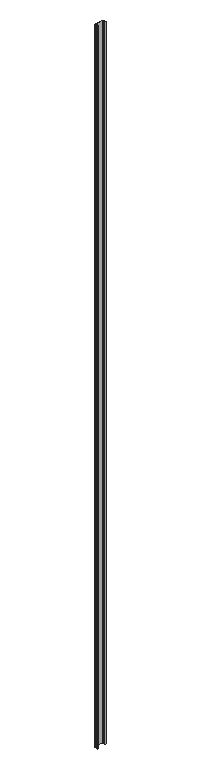
Revit family "38f3c351f65547aba92cce41d0c21fc3", category Structural Columns, Revit 2021
Family settings
  Section Shape = Not Defined
  Material for Model Behavior = Steel
  Always export as geometry = No
  Beam cutback in plan = From bounding box
  OmniClass Number = 23.25.30.11.14.11
  OmniClass Title = Columns
  Seek Item ID = Light Gauge-Furring Channels-Column-0000-USA-ENU
  Cut with Voids When Loaded = No
  Symbolic Representation = From Project Settings
  Shared = No
  Show family pre-cut in plan views = Yes
Parameters (values of type "C1 1/2 X 17/32")
  t1 = if((t / 0.95 * 0' 1" / 1000) < 0' 0 1/32", 0' 0 1/32", (t / 0.95 * 0' 1" / 1000))  # 0' - 0 1/32"
  t = 20
  W = 0
  Structural Material [instance] = Metal - Light Gauge
  D = 0' - 1 1/2"
  Assembly Code = "B10"
  B = 0' - 0 17/32"
  A = 0.00 in²
Reference planes (in)
  plane 1 "Center (Front/Back)": y = 0
  plane 2: z = 0
  plane 3 "Center (Left/Right)": x = 0
  plane 4 "Right": x = 0.53125
  plane 5 "Bottom": y = -1.5
  plane 6 "Insertion(Front/Back)": y = -0.75
Forms (in)
  Extrusion 1, solid, material "Metal - Light Gauge" <- "Structural Material", detail levels medium
    sketch origin (0, -1.625, 0) x (1, 0, 0) y (0, 1, 0)
      loop
        line (0, 1.625) -> (0, 0.125) -> (0.53125, 0.125) -> (0.53125, 0.15625) -> (0.03125, 0.15625) -> (0.03125, 1.59375) -> (0.53125, 1.59375) -> (0.53125, 1.625) -> (0, 1.625)
    from 0 to 108
  Extrusion 2, solid, material "Metal - Light Gauge" <- "Structural Material", detail levels fine
    sketch origin (0, -1.625, 0) x (1, 0, 0) y (0, 1, 0)
      loop
        arc (0.09375, 1.625) -> (0.02746, 1.59754) -> (0, 1.53125) r 0.09375
        line (0, 1.53125) -> (0, 0.21875)
        arc (0, 0.21875) -> (0.02746, 0.15246) -> (0.09375, 0.125) r 0.09375
        line (0.09375, 0.125) -> (0.53125, 0.125) -> (0.53125, 0.15625) -> (0.09375, 0.15625)
        arc (0.09375, 0.15625) -> (0.04956, 0.17456) -> (0.03125, 0.21875) r 0.0625
        line (0.03125, 0.21875) -> (0.03125, 1.53125)
        arc (0.03125, 1.53125) -> (0.04956, 1.57544) -> (0.09375, 1.59375) r 0.0625
        line (0.09375, 1.59375) -> (0.53125, 1.59375) -> (0.53125, 1.625) -> (0.09375, 1.625)
    from 0 to 108
Lines and regions (in)
  symbolic lines, style "StructuralColumnStickSymbols", detail levels coarse
    curve 1: line (0, 0, 0) -> (0.53125, 0, 0)
    curve 2: line (0, -1.5, 0) -> (0.53125, -1.5, 0)
    curve 3: line (0, 0, 0) -> (0, -1.5, 0)
  symbolic lines, style "Hidden Faces", detail levels medium+fine
    curve 4: line (0.0625, -1.46875, 108) -> (0.0625, -1.46875, 0)
    curve 5: line (0.0625, -0.03125, 108) -> (0.0625, -0.03125, 0)
    curve 6: line (0.03125, -1.5, 108) -> (0.03125, -1.5, 0)
Dimensions and locks (in)
  "B": plane 3 "Center (Left/Right)" to plane 4 "Right"
  "t1": Extrusion 2 sketch curve to Extrusion 2 sketch curve  (x3)
  "t1": Extrusion 1 sketch curve to Extrusion 1 sketch curve  (x3)
  "D": plane 5 "Bottom" to plane 1 "Center (Front/Back)"
  equal spacing: plane 5 "Bottom", plane 6 "Insertion(Front/Back)", plane 1 "Center (Front/Back)"
  "t1": Extrusion 1 to curve 6
  "t1": Extrusion 1 to curve 5
  "t1": curve 4 to Extrusion 1
  locked: Extrusion 2 sketch curve to Extrusion 2 sketch curve at 0.0625  (x4)
  aligned and locked: level to plane 2
  aligned and locked: plane 3 "Center (Left/Right)" to curve 2
  aligned and locked: level to Extrusion 2
  aligned and locked: plane 3 "Center (Left/Right)" to Extrusion 2 sketch curve
  aligned and locked: plane 4 "Right" to Extrusion 1 sketch curve  (x4)
  aligned and locked: plane 4 "Right" to Extrusion 2 sketch curve
  aligned and locked: Extrusion 1 sketch curve to plane 3 "Center (Left/Right)"
  aligned and locked: plane 5 "Bottom" to Extrusion 1 sketch curve
  aligned and locked: plane 1 "Center (Front/Back)" to Extrusion 1 sketch curve
  aligned and locked: curve 3 to plane 3 "Center (Left/Right)"
  aligned and locked: level to curve 5
  aligned and locked: level to curve 4
  aligned and locked: Extrusion 2 to level  (x2)
  aligned and locked: level to curve 6
  aligned and locked: plane 5 "Bottom" to curve 2
  aligned and locked: plane 1 "Center (Front/Back)" to curve 1
  aligned and locked: Extrusion 2 sketch curve to plane 5 "Bottom"
  aligned and locked: Extrusion 2 sketch curve to Extrusion 1
  aligned and locked: level to Extrusion 1
  aligned and locked: Extrusion 1 to level
Automatic sketch dimensions
  curve 2 to plane 4 "Right" = 0' - 0"
  curve 1 to plane 4 "Right" = 0' - 0"
  curve 6 to level = 0' - 0"
  curve 5 to level = 0' - 0"
  curve 4 to level = 0' - 0"
  Extrusion 2 sketch curve to Extrusion 2 sketch curve = 0' - 0"  (x2)
  Extrusion 2 sketch curve to plane 4 "Right" = 0' - 0"
